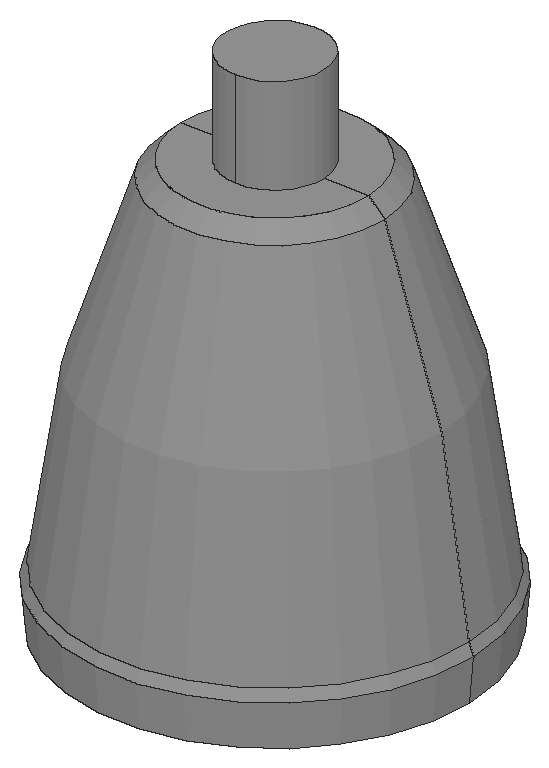
Revit family "AD-P.SAT", category Communication Devices, Revit 2015
Parameters
  Weight Product (lb) = 0.92
  Weight Product (kg) = 416
  URL = "https://www.qsc.com/systems/products/loudspeakers/small-format-subsat/acousticdesign-series-subsat-loudspeakers/ad-p-sat/"
  Sensitivity = 82
  SPL Max = 90
  Regulatory Compliance = "UL1480, Transformer UL registered per UL1876, ROHS, CE compliant"
  Product Page URL = "https://www.qsc.com/systems/products/loudspeakers/small-format-subsat/acousticdesign-series-subsat-loudspeakers/ad-p-sat/"
  Product Documentation Link = "https://www.qsc.com/systems/products/loudspeakers/small-format-subsat/acousticdesign-series-subsat-loudspeakers/ad-p-sat/#c177780"
  Model = "AD-P.SAT"
  Manufacturer URL = "www.qsc.com"
  Manufacturer = "QSC"
  Impedance = 16
  Grille Material [instance] = White Powder Coated Mesh
  Enclosure Material [instance] = White Finish
  Diameter = 110 mm
  Description = "6.5\" 2-Way Pendant-Mount Loudspeaker"
  Depth = 115 mm
  Default Elevation = 0 mm
  Coverage Vertical = 170.00°
  Coverage Horizontal = 170.00°
Reference planes
  plane 1 "Center (Front/Back)": y = 0
  plane 2 "Center (Elevation)": z = 0
  plane 3 "Center (Left/Right)": x = 0
  plane 4: y = 118.518
  plane 5: y = -118.518
  plane 6 "RP1": through (0, 0, 1219.2) normal (-0.9563, -0.2924, 0)
  plane 7 "RP2": through (0, 0, 1219.2) normal (-0.9563, 0.2924, 0)
  plane 8 "RP3": through (0, 0, 1219.2) normal (0.225, 0.9744, 0)
  plane 9 "RP4": through (0, 0, 1219.2) normal (0.7314, 0.682, 0)
  plane 10 "RP5": through (0, 0, 1219.2) normal (0.7314, -0.682, 0)
  plane 11 "RP6": through (0, 0, 1219.2) normal (0.225, -0.9744, 0)
  plane 12: y = 57.5
  plane 13: y = -57.5
Forms (mm)
  Revolve 1, solid, material "White Finish" <- "Enclosure Material"
    sketch origin (0, 0, -29.3) x (1, 0, 0) y (0, 0, 1)
      loop
        line (-53.784, 29.3) -> (-53.996, 31.723) -> (0, 31.723) -> (0, 147.025) -> (-26.362, 147.025) -> (-30.837, 142.55)
        arc (-30.837, 142.55) -> (-46.919, 94.465) -> (-54.532, 44.336) r 295.055
        line (-54.532, 44.336) -> (-56.05, 41.3) -> (-55, 29.3) -> (-53.784, 29.3)
      axis (0, 147.025) -> (0, 29.3)
    angle from 0 to 360
  Revolve 2, solid, material "White Powder Coated Mesh" <- "Grille Material"
    sketch origin (0, 0, -29.3) x (1, 0, 0) y (0, 0, 1)
      loop
        line (0, 41.3) -> (-54.834, 41.3) -> (-53.784, 29.3) -> (0, 29.3) -> (0, 41.3)
      axis (0, 41.3) -> (0, 29.3)
    angle from 0 to 360
  Extrusion 3, solid, material "White Finish" <- "Enclosure Material"
    sketch origin (0, 34.063, 292.96) x (0, -1, 0) y (1, 0, 0)
      loop
        circle (34, 0) r 13.782
    from -175.235 to -147.96
Dimensions and locks
  equal spacing: plane 12, plane 1 "Center (Front/Back)", plane 13
  "Depth": plane 12 to plane 13
  aligned and locked: plane 2 "Center (Elevation)" to level
Automatic sketch dimensions
  Revolve 2 sketch curve to level = 0 mm
  Revolve 2 sketch curve to plane 3 "Center (Left/Right)" = 0 mm  (x2)
  Revolve 2 sketch curve to Revolve 2 sketch curve = 53.784 mm
  level to Revolve 2 sketch curve = 12 mm
  Revolve 2 sketch curve to Revolve 2 sketch curve = 1.05 mm
  level to Revolve 2 sketch curve = 0.7 mm
  Revolve 2 sketch curve to Revolve 2 sketch curve = 4.3 mm
  Revolve 1 sketch curve to level = 0 mm
  Revolve 1 sketch curve to plane 3 "Center (Left/Right)" = 0 mm  (x2)
  Revolve 1 sketch curve to Revolve 1 sketch curve = 26.362 mm
  Revolve 1 sketch curve to plane 3 "Center (Left/Right)" = 53.784 mm
  level to Revolve 1 sketch curve = 2.423 mm
  Revolve 1 sketch curve to Revolve 1 sketch curve = 0.212 mm
  Revolve 1 sketch curve to Revolve 1 sketch curve = 1.216 mm
  level to Revolve 1 sketch curve = 12 mm
  Revolve 1 sketch curve to Revolve 1 sketch curve = 2.054 mm
  Revolve 1 sketch curve to level = 4.035 mm
  plane 3 "Center (Left/Right)" to Revolve 1 sketch curve = 239.906 mm
  Revolve 1 sketch curve to Revolve 1 sketch curve = 115.302 mm
  Revolve 1 sketch curve to Revolve 1 sketch curve = 4.475 mm
  Revolve 1 sketch curve to Revolve 1 sketch curve = 1.518 mm
  level to Revolve 1 sketch curve = 15.036 mm
  Revolve 1 sketch curve to Revolve 1 sketch curve = 9.591 mm
  Revolve 1 sketch curve to Revolve 1 sketch curve = 0 mm
  Extrusion 3 sketch curve to plane 3 "Center (Left/Right)" = 0 mm
  plane 1 "Center (Front/Back)" to Extrusion 3 sketch curve = 0.063 mm
  radius of Extrusion 3 sketch curve = 13.782 mm
Nested families
  nested 1: "QSC Logo" at (18.404, -17.042, 0) x (-1, 0, 0) z (0, 0, -1), type "QSC Logo"
    with logo material White Powder Coated Mesh
Definition of nested family "QSC Logo"
  Parameters (values of type "QSC Logo")
    logo material [instance] = none
    Default Elevation = 1219.2 mm
  Reference planes
    plane 1 "Center (Front/Back)": y = 0
    plane 2: z = 0
    plane 3 "Center (Left/Right)": x = 0
  Forms (mm)
    Extrusion 1, solid
      sketch origin (0, 0, 0) x (1, 0, 0) y (0, 1, 0)
        loop
          line (-1219.2, 1219.2) -> (-1219.2, -1219.2) -> (1219.2, -1219.2) -> (1219.2, 1219.2) -> (-1219.2, 1219.2)
      from 0 to -304.8
    Extrusion 2, solid, material <- "logo material"
      sketch origin (-0.397, 44.45, 0) x (1, 0, 0) y (0, 1, 0)
        loop
          arc (9.112, -24.141) -> (8.725, -24.301) -> (8.565, -24.687) r 0.547
          line (8.565, -24.687) -> (8.565, -30.147)
          arc (8.565, -30.147) -> (8.739, -30.568) -> (9.16, -30.742) r 0.595
          line (9.16, -30.742) -> (28.291, -30.742)
          arc (28.291, -30.742) -> (28.712, -30.568) -> (28.886, -30.147) r 0.595
          line (28.886, -30.147) -> (28.886, -24.736)
          arc (28.886, -24.736) -> (28.712, -24.315) -> (28.291, -24.141) r 0.595
          line (28.291, -24.141) -> (9.112, -24.141)
      from 0 to 0.794
  Lines and regions (mm)
    reference lines, not visible
      curve 1: line (189.517, -42.77, 0) -> (204.093, -42.77, 0)
      curve 2: line (189.517, -42.77, 0) -> (204.093, -42.77, 0)
      curve 3: line (193.096, -43.165, 0) -> (192.51, -41.876, 0)
      curve 4: line (193.096, -44.165, 0) -> (192.382, -41.375, 0)
      curve 5: line (192.51, -41.876, 0) -> (193.096, -43.165, 0)
      curve 6: line (192.382, -41.375, 0) -> (193.096, -44.165, 0)
      curve 7: line (196.553, -42.77, 0) -> (197.267, -42.4, 0)
      curve 8: line (196.553, -42.77, 0) -> (197.267, -42.4, 0)
      curve 9: line (199.332, -42.65, 0) -> (200.349, -42.65, 0)
      curve 10: line (199.332, -42.65, 0) -> (200.349, -42.65, 0)
    model lines
      curve 11: line (19.473, 16.045, 0.794) -> (17.993, 17.995, 0.794)
      curve 12: line (17.993, 17.995, 0.794) -> (19.473, 16.045, 0.794)
      curve 13: line (12.628, 16.289, 0.794) -> (13.187, 18.3, 0.794)
      curve 14: line (13.187, 18.3, 0.794) -> (12.628, 16.289, 0.794)
      curve 15: line (13.562, 14.957, 0.794) -> (13.144, 18.679, 0.794)
      curve 16: line (13.144, 18.679, 0.794) -> (13.562, 14.957, 0.794)
      curve 17: line (21.455, 17.561, 0.794) -> (22.774, 16.592, 0.794)
      curve 18: line (22.774, 16.592, 0.794) -> (21.455, 17.561, 0.794)
  Text (mm)
    text "42T" at (-17.799, 33.327, 0), in view "Ref. Level"
    text "81Tw" at (-17.799, 17.071, 0), in view "Ref. Level"
    text "52T" at (-17.799, -4.651, 0), in view "Ref. Level"
    text "52ST" at (-17.799, -29.568, 0), in view "Ref. Level"
  Dimensions and locks
    aligned and locked: plane 2 to Extrusion 1
    aligned and locked: level to Extrusion 1
